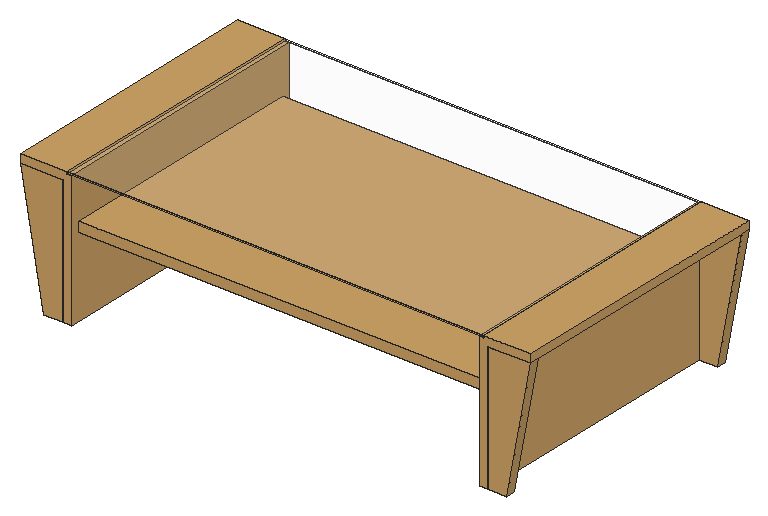
Revit family
Parameters (values of type "1500x800x400mm")
  Manufacturer = ""
  Model = ""
  폭 = 1500 mm
  상단 면 재료 = 목재 - 티크, 길이, 약함
  중간 재료 = 목재 - 티크, 폭, 약함
  다리 재료 = 목재 - 티크, 길이, 약함
  높이 = 400 mm
  유리 재료 = 흰색 유리
  깊이 = 800 mm
Types (4, lengths in mm): name | 폭 | 깊이
  (no name) | 1500 | 800
  1300x700x400mm | 1300 | 700
  1500x800x400mm | 1500 | 800
  1400x750x400mm | 1400 | 750
Reference planes
  plane 1 "중심(앞/뒤)": y = 15
  plane 2: z = 0
  plane 3 "중심(왼쪽/오른쪽)": x = 0
  plane 4: y = 415
  plane 5: y = -385
  plane 6: x = -750
  plane 7: x = 750
  plane 8: z = 400
  plane 9: y = -360
  plane 10: y = 390
  plane 11: z = 265
  plane 12: z = 235
  plane 13: y = 15
  plane 14: y = -15
  plane 15: x = -600
  plane 16: x = 600
  plane 17: x = -613
  plane 18: x = 613
  plane 19: z = 394.719
Forms (mm)
  Extrusion 1, solid, material "목재 - 티크, 길이, 약함" <- "상단 면 재료"
    sketch origin (0, 15, 0) x (1, 0, 0) y (0, 0, 1)
      loop
        line (-750, 400) -> (-750, 375) -> (-625, 375) -> (-625, 0) -> (-600, 0) -> (-600, 394.719) -> (-613, 394.719) -> (-613, 400) -> (-750, 400)
      loop
        line (750, 400) -> (613, 400) -> (613, 394.719) -> (600, 394.719) -> (600, 0) -> (625, 0) -> (625, 375) -> (750, 375) -> (750, 400)
    from -400 to 400
  Extrusion 2, solid, material "목재 - 티크, 길이, 약함" <- "다리 재료"
    sketch origin (0, 15, 0) x (1, 0, 0) y (0, 0, 1)
      loop
        line (-750, 375) -> (-680, 0) -> (-625, 0) -> (-625, 375) -> (-750, 375)
      loop
        line (750, 375) -> (625, 375) -> (625, 0) -> (680, 0) -> (750, 375)
    from 400 to 375
  Extrusion 3, solid, material "목재 - 티크, 폭, 약함" <- "중간 재료"
    sketch origin (0, 0, 0) x (0, 1, 0) y (0, 0, 1)
      loop
        line (390, 265) -> (-360, 265) -> (-360, 235) -> (-15, 235) -> (-15, 0) -> (15, 0) -> (15, 235) -> (390, 235) -> (390, 265)
    from -600 to 600
  Extrusion 4, solid, material "목재 - 티크, 길이, 약함" <- "다리 재료"
    sketch origin (0, 0, 0) x (1, 0, 0) y (0, 0, -1)
      loop
        line (-750, -375) -> (-625, -375) -> (-625, 0) -> (-680, 0) -> (-750, -375)
      loop
        line (750, -375) -> (680, 0) -> (625, 0) -> (625, -375) -> (750, -375)
    from 415 to 390
  Extrusion 5, solid, material "흰색 유리" <- "유리 재료"
    sketch origin (0, 0, 0) x (1, 0, 0) y (0, 1, 0)
      loop
        line (-613, -385) -> (613, -385) -> (613, 415) -> (-613, 415) -> (-613, -385)
    from 394.719 to 400
Dimensions and locks
  "깊이": plane 5 to plane 4
  "폭": plane 6 to plane 7
  "높이": plane 8 to level
  equal spacing: plane 6, plane 3 "중심(왼쪽/오른쪽)", plane 7
  equal spacing: plane 5, plane 1 "중심(앞/뒤)", plane 4
  locked: plane 6 to plane 15 at 150
  locked: plane 16 to plane 7 at 150
  locked: plane 10 to plane 4 at 25
  locked: plane 5 to plane 9 at 25
  locked: plane 15 to plane 17 at 13
  locked: plane 18 to plane 16 at 13
  locked: plane 8 to plane 19 at 5.281
  aligned and locked: Extrusion 3 to Extrusion 1  (x2)
  aligned and locked: Extrusion 4 to Extrusion 1  (x2)
  aligned and locked: Extrusion 2 to Extrusion 1
  aligned and locked: plane 15 to Extrusion 1
  aligned and locked: plane 16 to Extrusion 1
  aligned and locked: Extrusion 1 to Extrusion 3  (x22)
  aligned and locked: plane 6 to Extrusion 1  (x2)
  aligned and locked: plane 7 to Extrusion 1  (x2)
  aligned and locked: plane 4 to Extrusion 1
  aligned and locked: plane 11 to Extrusion 3  (x2)
  aligned and locked: Extrusion 3 to plane 12  (x2)
  aligned and locked: plane 9 to Extrusion 3
  aligned and locked: plane 10 to Extrusion 3
  aligned and locked: Extrusion 3 to Extrusion 4  (x5)
  aligned and locked: Extrusion 3 to Extrusion 2  (x5)
  aligned and locked: plane 10 to Extrusion 4
  aligned and locked: plane 9 to Extrusion 2
  aligned and locked: plane 14 to Extrusion 3
  aligned and locked: plane 13 to Extrusion 3
  aligned and locked: plane 1 "중심(앞/뒤)" to Extrusion 3
  aligned and locked: plane 5 to Extrusion 1
  aligned and locked: plane 8 to Extrusion 1 sketch curve
  aligned and locked: Extrusion 1 sketch curve to plane 17
  aligned and locked: Extrusion 1 sketch curve to plane 18
  aligned and locked: plane 16 to Extrusion 1 sketch curve
  aligned and locked: plane 15 to Extrusion 1 sketch curve
  aligned and locked: plane 19 to Extrusion 1 sketch curve
  aligned and locked: Extrusion 1 sketch curve to plane 19
  aligned and locked: Extrusion 1 sketch curve to plane 8
  aligned and locked: Extrusion 5 sketch curve to Extrusion 1  (x3)
  aligned and locked: Extrusion 1 to Extrusion 5 sketch curve
  aligned and locked: Extrusion 5 to plane 8
  aligned and locked: plane 19 to Extrusion 5
Automatic sketch dimensions
  Extrusion 1 sketch curve to plane 6 = 0 mm
  Extrusion 1 sketch curve to level = 0 mm  (x2)
  Extrusion 1 sketch curve to plane 7 = 0 mm
  plane 15 to Extrusion 1 sketch curve = 25 mm
  Extrusion 1 sketch curve to Extrusion 1 sketch curve = 12 mm
  Extrusion 1 sketch curve to Extrusion 1 sketch curve = 25 mm
  plane 8 to Extrusion 1 sketch curve = 25 mm
  Extrusion 3 sketch curve to plane 9 = 0 mm
  Extrusion 3 sketch curve to plane 12 = 0 mm  (x2)
  Extrusion 3 sketch curve to plane 14 = 0 mm
  Extrusion 3 sketch curve to level = 0 mm
  Extrusion 3 sketch curve to plane 13 = 0 mm
  Extrusion 3 sketch curve to plane 10 = 0 mm
  Extrusion 3 sketch curve to plane 11 = 0 mm
  Extrusion 2 sketch curve to plane 6 = 0 mm
  Extrusion 2 sketch curve to level = 0 mm  (x2)
  Extrusion 2 sketch curve to plane 6 = 70 mm
  plane 15 to Extrusion 2 sketch curve = 25 mm
  plane 8 to Extrusion 2 sketch curve = 25 mm  (x2)
  Extrusion 2 sketch curve to plane 7 = 0 mm
  Extrusion 2 sketch curve to plane 16 = 25 mm
  Extrusion 2 sketch curve to Extrusion 2 sketch curve = 55 mm
  Extrusion 4 sketch curve to plane 6 = 0 mm
  Extrusion 4 sketch curve to level = 0 mm  (x2)
  Extrusion 4 sketch curve to plane 7 = 0 mm
  Extrusion 4 sketch curve to plane 6 = 70 mm
  plane 15 to Extrusion 4 sketch curve = 25 mm
  Extrusion 4 sketch curve to plane 16 = 25 mm
  Extrusion 4 sketch curve to Extrusion 4 sketch curve = 55 mm
  plane 8 to Extrusion 4 sketch curve = 25 mm  (x2)
